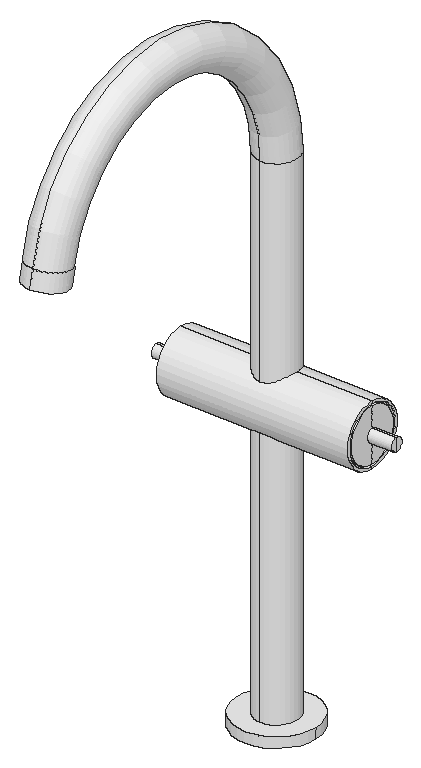
Revit family "Faucet-Two_Handle-Grohe-Spa-Atrio-21161_Series", category Plumbing Fixtures, Revit 2019
Family settings
  Round Connector Dimension = Use Diameter
  Part Type = Normal
  OmniClass Number = 23.45.55.14
  OmniClass Title = Single Faucets
  Work Plane-Based = Yes
  Always vertical = No
  Cut with Voids When Loaded = No
  Shared = Yes
  Room Calculation Point = No
Parameters (values of type "21161000")
  Width = 5 7/8"  # constant formula
  WaterSense = yes
  Waste Connection = no
  WFU = 2  # constant formula
  Vent Connection = no
  URL = "http://www.grohe.com/"
  Tempered Water Connection Diameter = 3/8"  # constant formula
  Tempered Water Connection = yes
  Price = "Prices may vary. Please consult Manufacturer Representative for most up-to-date price list."  # constant formula
  NSF 61/Section 9 = yes
  NSF 372 = yes
  Model = "21161000"
  Material = "Metal-Grohe-000-StarLight Chrome"
  Manufacturer = "Grohe"
  Length = 7 1/16"  # constant formula
  Installation Type = "Deck-Mounted"
  Height = 16 9/16"  # constant formula
  HWFU = 1.5  # constant formula
  HW Connection = no
  GROHE StarLight = yes
  GROHE SilkMove = yes
  GROHE EcoJoy = yes
  Flow Rate = "1.2 gpm (4.5 l/min)"  # constant formula
  Finish = Metal-Grohe-000-StarLight Chrome
  Description = "Single-Hole Two Handle Deck Mount Vessel Sink Faucet 1.2gpm"  # constant formula
  Default Elevation = 0"
  Creation Date = "05/29/2023"  # constant formula
  CalGreen Compliant = yes
  CWFU = 1.5  # constant formula
  CW Connection = no
  Assembly Code = "D2020300"
  ASME A112.18.1/CSA B125.1 = yes
  14216 = no
  14215 = no
Types (3): name | WaterSense | Model | Material | Finish
  (no name) | yes | "21161000" | "Metal-Grohe-000-StarLight Chrome" | Metal-Grohe-000-StarLight Chrome
  21161000 | yes | "21161000" | "Metal-Grohe-000-StarLight Chrome" | Metal-Grohe-000-StarLight Chrome
  21161EN0 | no | "21161EN0" | "Metal-Grohe-EN0-Brushed Nickel InfinityFinish" | Metal-Grohe-EN0-Brushed Nickel InfinityFinish
Reference planes (in)
  plane 1 "Center (Front/Back)": y = 0
  plane 2: z = 0
  plane 3 "Center (Left/Right)": x = 0
  plane 4: through (0, -6, 7.625) normal (0, -0.9848, 0.1736)
  plane 5: y = 0.5
  plane 6: x = -2.9375
  plane 7: x = 2.9375
  plane 8: z = 2.78205
  plane 9: z = 3.5305
  plane 10: z = 2.03359
  plane 11: x = -0.49058
  plane 12: x = 0.49058
  plane 13: z = 7.9375
  plane 14: z = 11.875
  plane 15: y = -7
  plane 16: y = 0.96875
  plane 17: y = -0.96875
  plane 18: z = 16.5625
  plane 19: y = -7.0625
  plane 20: z = 12.75
  plane 21: x = -0.96875
  plane 22: x = 0.96875
Forms (in)
  Sweep 1, solid, material "Metal-Grohe-000-StarLight Chrome" <- "Finish"
    path origin (0, 0, 0) x (0, 1, 0) y (0, 0, 1)
      loop
        line (0, 0.25) -> (0, 12.56567)
        arc (0, 12.56567) -> (-3.21397, 16.07309) -> (-6.98816, 13.17705) r 3.52083
        line (-6.98816, 13.17705) -> (-7.06209, 12.75781)
    profile origin (0, 0, 6.40783) x (0, -1, 0) y (1, 0, 0)
      loop
        circle (0, 0) r 0.5
  Extrusion 2, solid, material "Metal-Grohe-000-StarLight Chrome" <- "Finish", not visible
    sketch origin (0, 0, 0) x (1, 0, 0) y (0, 1, 0)
      loop
        circle (0, 0) r 0.1875
    from 0 to 0.1353
  Revolve 3, solid, material "Metal-Grohe-000-StarLight Chrome" <- "Finish"
    sketch origin (0, 0, 4.375) x (1, 0, 0) y (0, 0, 1)
      loop
        line (2.33822, 3.5305) -> (-2.33822, 3.5305) -> (-2.33822, 3.4739) -> (-2.25188, 3.4739) -> (-2.25188, 3.4173) -> (-2.33822, 3.4173) -> (-2.33822, 2.93574) -> (-2.9375, 2.93574) -> (-2.9375, 2.78205) -> (2.9375, 2.78205) -> (2.9375, 2.93574) -> (2.33822, 2.93574) -> (2.33822, 3.4173) -> (2.25188, 3.4173) -> (2.25188, 3.4739) -> (2.33822, 3.4739) -> (2.33822, 3.5305)
      axis (-2.9375, 2.78205) -> (2.9375, 2.78205)
    angle from 0 to 360
  Extrusion 4, solid, material "Metal-Grohe-000-StarLight Chrome" <- "Finish"
    sketch origin (0, 0, 0) x (1, 0, 0) y (0, 1, 0)
      loop
        circle (0, 0) r 0.96875
    from 0 to 0.25
Cuts and joins
  joined: Sweep 1, Revolve 3, Extrusion 4
Lines and regions (in)
  Masking region 1
    outline origin (0, 0, 0) x (1, 0, 0) y (0, 1, 0)
      loop
        line (-0.49058, -0.83809) -> (-0.49058, -7.07031)
        arc (-0.49058, -7.07031) -> (0, -7.56089) -> (0.49058, -7.07031) r 0.49058
        line (0.49058, -7.07031) -> (0.49058, -0.83809)
        arc (0.49058, -0.83809) -> (0.55649, -0.79586) -> (0.61878, -0.74845) r 0.97112
        line (0.61878, -0.74845) -> (2.33822, -0.74845) -> (2.33822, -0.15369) -> (2.9375, -0.15369) -> (2.9375, 0.15369) -> (2.33822, 0.15369) -> (2.33822, 0.74845) -> (0.61878, 0.74845)
        arc (0.61878, 0.74845) -> (0, 0.97112) -> (-0.61878, 0.74845) r 0.97112
        line (-0.61878, 0.74845) -> (-2.33822, 0.74845) -> (-2.33822, 0.15369) -> (-2.9375, 0.15369) -> (-2.9375, -0.15369) -> (-2.33822, -0.15369) -> (-2.33822, -0.74845) -> (-0.61878, -0.74845)
        arc (-0.61878, -0.74845) -> (-0.55649, -0.79586) -> (-0.49058, -0.83809) r 0.97112
  symbolic lines, detail levels fine
    curve 1: line (-2.33822, 0.15369, 0) -> (-2.33822, -0.15369, 0)
    curve 2: line (2.33822, 0.15369, 0) -> (2.33822, -0.15369, 0)
    curve 6: line (-0.61878, 0.74845, 0) -> (0.61878, 0.74845, 0)
    curve 7: line (0.61878, -0.74845, 0) -> (0.49058, -0.74845, 0)
    curve 8: line (-0.61878, -0.74845, 0) -> (-0.49058, -0.74845, 0)
  symbolic lines, detail levels medium+fine
    curve 3: line (-0.49058, -0.83809, 0) -> (-0.49058, 0, 0)
    curve 4: line (0.49058, -0.83809, 0) -> (0.49058, 0, 0)
    curve 5: arc (0.49058, 0, 0) -> (0, 0.49058, 0) -> (-0.49058, 0, 0) r 0.49058
Dimensions and locks (in)
  equal spacing: plane 7, plane 3 "Center (Left/Right)", plane 6
  "Width": plane 7 to plane 6
  equal spacing: plane 16, plane 1 "Center (Front/Back)", plane 17
  locked: plane 16 to plane 17 at 1.9375
  locked: plane 20 to level at 12.75
  "Height": plane 18 to level
  "Length": plane 1 "Center (Front/Back)" to plane 19
  plane 21 to plane 22 = 1 15/16"
  locked: Extrusion 2 sketch curve to Extrusion 2 sketch curve (diameter 3/8")
  aligned and locked: plane 3 "Center (Left/Right)" to Extrusion 2 sketch curve
  aligned and locked: plane 1 "Center (Front/Back)" to Extrusion 2 sketch curve
Automatic sketch dimensions
  Sweep 1 sketch curve to plane 3 "Center (Left/Right)" = 0"
  Sweep 1 sketch curve to profile plane = 0"
  plane 8 to Revolve 3 sketch curve = 4 3/8"  (x2)
  Revolve 3 sketch curve to plane 6 = 0"
  Revolve 3 sketch curve to plane 9 = 4 3/8"
  plane 7 to Revolve 3 sketch curve = 0"
  plane 8 to Revolve 3 sketch curve = 4.52869"  (x2)
  plane 6 to Revolve 3 sketch curve = 0.59928"
  Revolve 3 sketch curve to Revolve 3 sketch curve = 0"  (x2)
  Revolve 3 sketch curve to Revolve 3 sketch curve = 0.08634"  (x2)
  Revolve 3 sketch curve to plane 9 = 4.3184"  (x2)
  plane 7 to Revolve 3 sketch curve = 0.68562"
  Revolve 3 sketch curve to plane 9 = 4.2618"
  Revolve 3 sketch curve to Revolve 3 sketch curve = 0.0566"
  Revolve 3 sketch curve to plane 6 = 0.44566"
  Revolve 3 sketch curve to Revolve 3 sketch curve = 1/2"
  plane 1 "Center (Front/Back)" to Extrusion 4 sketch curve = 0"
  Extrusion 4 sketch curve to plane 3 "Center (Left/Right)" = 0"
  Masking region 1 sketch curve to plane 6 = 0"
  Masking region 1 sketch curve to plane 3 "Center (Left/Right)" = 0"  (x2)
  plane 1 "Center (Front/Back)" to Masking region 1 sketch curve = 0"
  Masking region 1 sketch curve to plane 7 = 0"
  plane 1 "Center (Front/Back)" to Masking region 1 sketch curve = 0.15369"  (x2)
  Masking region 1 sketch curve to Masking region 1 sketch curve = 0.59928"
  Masking region 1 sketch curve to plane 16 = 0.2203"  (x2)
  plane 6 to Masking region 1 sketch curve = 0.59928"
  plane 7 to Masking region 1 sketch curve = 0.59928"  (x2)
  plane 15 to Masking region 1 sketch curve = 9/128"
  Masking region 1 sketch curve to plane 1 "Center (Front/Back)" = 0.15369"  (x2)
  Masking region 1 sketch curve to Masking region 1 sketch curve = 0"  (x4)
  Masking region 1 sketch curve to plane 17 = 0.13066"  (x2)
  Masking region 1 sketch curve to plane 12 = 0.1282"  (x2)
  Masking region 1 sketch curve to Masking region 1 sketch curve = 0.1282"
  Masking region 1 sketch curve to plane 11 = 0"
  curve 3 to plane 11 = 0"
  plane 1 "Center (Front/Back)" to curve 5 = 0"
  curve 5 to plane 3 "Center (Left/Right)" = 0"
  curve 8 to plane 11 = 0.1282"
  curve 6 to plane 11 = 0.1282"
  curve 1 to plane 1 "Center (Front/Back)" = 0.15369"
  plane 6 to curve 1 = 0.59928"
  curve 7 to curve 7 = 0.1282"
  curve 6 to plane 12 = 0.1282"
  curve 2 to plane 1 "Center (Front/Back)" = 0.15369"
  plane 7 to curve 2 = 0.59928"
  plane 1 "Center (Front/Back)" to curve 2 = 0.15369"
  plane 1 "Center (Front/Back)" to curve 1 = 0.15369"
  curve 7 to plane 17 = 0.2203"
  curve 8 to plane 17 = 0.2203"
  curve 4 to curve 7 = 0.08964"
  curve 3 to curve 8 = 0.08964"
  curve 6 to plane 16 = 0.2203"
  Sweep 1 sketch curve to plane 1 "Center (Front/Back)" = 0"
  Sweep 1 sketch curve to plane 20 = 0.18433"
  plane 17 to Sweep 1 sketch curve = 2.55208"
  Sweep 1 sketch curve to plane 15 = 0.01184"
  Sweep 1 sketch curve to plane 19 = 0.00041"
  level to Sweep 1 sketch curve = 1/4"
  plane 20 to Sweep 1 sketch curve = 1/128"
  radius of Sweep 1 sketch curve = 1/2"
  radius of Extrusion 4 sketch curve = 31/32"
Connectors (in)
  piping at (0, 0, 0), diameter 0.375, driven by "HWFU", driven by "Tempered Water Connection Diameter"
    settings: on Extrusion 2, index 1, connector inside diameter 24", connector length 0", flow factor 0, pipe flow 0 GPM, pressure drop 0.00 psi, fitting loss kfactor 0, connector angle 0.00°, fixture units 1.5, engagement length 0", angle of deflection 0.00°, flow configuration 0, flow direction 1, fitting loss method 0, system type 29, joint type 0, gender type 0, connector reference index -1, connector utility 0, adjustable connector no, is connector primary yes, connector description "3/8\" NPT Tempered Inlet Supply"
